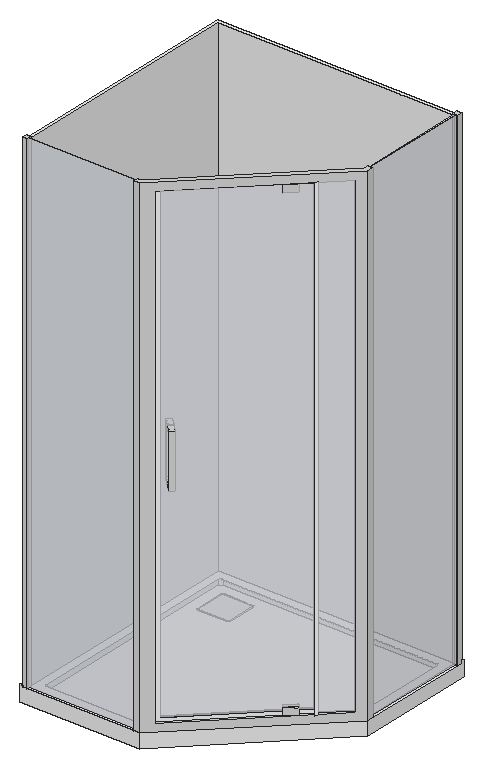
Revit family "Reece_Shower_Posh_Bristol_Shower System_Angled", category Plumbing Fixtures, host Face, Revit 2018
Family settings
  Host = Face
  Round Connector Dimension = Use Diameter
  Part Type = Normal
  Cut with Voids When Loaded = Yes
  Shared = Yes
  Room Calculation Point = Yes
Parameters
  URL = "https://www.reece.com.au/product/-2012046"
  Type Comments = "Shower"
  Reece_Screen_Height = 2000 mm  # constant formula
  Reece_Product_Web Page = "https://www.reece.com.au/product/-2012046"
  Reece_Product_Type = "Shower"  # constant formula
  Reece_Product_Sub Brand = "Bristol"  # constant formula
  Reece_Product_Number = "2012046"
  Reece_Product_Mount = "Floor Mounted"
  Reece_Product_Description = "Posh Bristol Angled Shower System 1000 x 1000 x 2000mm"
  Reece_Product_Brand = "Posh"  # constant formula
  Reece_Overall_Width = 1000 mm  # constant formula
  Reece_Overall_Height = 2055 mm  # constant formula
  Reece_Overall_Depth = 1000 mm  # constant formula
  Reece_Material_Secondary = Reece_Plastic_Transparent
  Reece_Material_Screen = Reece_Safety Glass_Transparent
  Reece_Material_Main = Reece_Brass_Chrome
  Reece_Material_Base = Reece_Acrylic_White
  Reece_Detail_Function = "Left or Right Hand Opening"  # constant formula
  Reece_Detail_Disclaimer = "THIS FILE IS THE PROPERTY OF THE REECE GROUP. IT MAY NOT BE REPRODUCED, REVERSE-ENGINEERED OR MODIFIED. ANY REPUBLICATION, TRANSMISSION OR DISTRIBUTION FOR THE PURPOSE OF COMMERCIALLY EXPLOITING THE FILES IS PROHIBITED."  # constant formula
  Reece_Detail_Additional = "Shower System"  # constant formula
  Model = "Bristol"
  Manufacturer = "Posh"
  Keynote = "Product #2012046, Reece_Shower_Posh_Bristol_Shower System_Angled -  "
  Disclaimer = "THIS FILE IS THE PROPERTY OF THE REECE GROUP. IT MAY NOT BE REPRODUCED, REVERSE-ENGINEERED OR MODIFIED. ANY REPUBLICATION, TRANSMISSION OR DISTRIBUTION FOR THE PURPOSE OF COMMERCIALLY EXPLOITING THE FILES IS PROHIBITED."  # constant formula
  Description = "Posh Bristol Angled Shower System 1000 x 1000 x 2000mm"
  Default Elevation = 0 mm
Types (2, lengths in mm): name | Keynote
  (no name) | "Product #2012046, Reece_Shower_Posh_Bristol_Shower System_Angled -  "
  1000mm x 100mm x 2000mm_Rear Outlet | "Product #2012046, Reece_Shower_Posh_Bristol_Shower System_Angled - 1000mm x 100mm x 2000mm_Rear Outlet"
Reference planes
  plane 1 "Center (Front/Back)": y = 0
  plane 2 "Height From Floor": z = 0
  plane 3 "Center (Left/Right)": x = 0
  plane 4 "Bottom Of Invisible Line": z = -5
  plane 5: x = 500
  plane 6: x = -500
  plane 7: z = 2055
  plane 8: z = 55
  plane 9: y = 500
  plane 10: y = -500
Forms (mm)
  Extrusion 1, solid, material "Reece_Acrylic_White" <- "Reece_Material_Base"
    sketch origin (-1, 1, 0) x (0, 1, 0) y (-1, 0, 0)
      loop
        line (-481, 489) -> (-481, 477) -> (477, 477) -> (477, -481) -> (489, -481) -> (489, 489) -> (-481, 489)
    from 45 to 2045
Lines and regions (mm)
  model lines, style "InvisibleLines"
    curve 1: line (0, 0, -5) -> (0, 0, 0)
Text (mm)
  text "Reece ©" at (4010.036, -1850.322, 2156.454), in view "Reece Preview"
  text "Remove this note when saving the family.\nPlease make sure that:\n- Unused reference planes are removed\n- Images or CAD references are removed\n- Unused Parameters are removed\n- All parameters where possible are defined and unchangeable\n- Make sure to use shared parameters only\n- Make sure to always follow the naming convention\n- Make sure to update the data information" at (1631.025, -1226.195, -1020.679), in view "Ref. Level"
  text "Reece ©" at (1631.025, -1085.127, -1020.679), in view "Ref. Level"
Dimensions and locks
  level to plane 2 "Height From Floor" = 0 mm
  locked: level to plane 4 "Bottom Of Invisible Line" at 5
  "Reece_Overall_Width": plane 6 to plane 5
  equal spacing: plane 6, plane 3 "Center (Left/Right)", plane 5
  "Reece_Screen_Height": plane 7 to plane 8
  plane 8 to level = 55 mm
  "Reece_Overall_Depth": plane 10 to plane 9
  equal spacing: plane 10, plane 1 "Center (Front/Back)", plane 9
  "Reece_Overall_Height": plane 7 to plane 2 "Height From Floor"
  plane 6 to nested 1 = 485 mm
  nested 1 to nested 1 = 434 mm
  "Reece_Overall_Width": plane 5 to nested 2
  "Reece_Overall_Width": plane 10 to nested 2
  "Reece_Overall_Height": nested 1 to plane 2 "Height From Floor"
  aligned and locked: plane 1 "Center (Front/Back)" to nested 1
  aligned and locked: plane 3 "Center (Left/Right)" to nested 1
  aligned and locked: plane 3 "Center (Left/Right)" to nested 2
  aligned and locked: plane 1 "Center (Front/Back)" to nested 2
Automatic sketch dimensions
  curve 1 to level = 0 mm
  curve 1 to plane 3 "Center (Left/Right)" = 0 mm
  curve 1 to plane 4 "Bottom Of Invisible Line" = 0 mm
  plane 9 to Extrusion 1 sketch curve = 22 mm
  plane 9 to Extrusion 1 sketch curve = 10 mm
  plane 5 to Extrusion 1 sketch curve = 20 mm
  plane 6 to Extrusion 1 sketch curve = 10 mm
  plane 10 to Extrusion 1 sketch curve = 20 mm
  Extrusion 1 sketch curve to Extrusion 1 sketch curve = 12 mm
Nested families
  nested 1: "Reece_Shower_Posh_Bristol_Shower Door & Screen_Angled_Nested" at (0, 0, 55), Reece_Material_Main <- "Reece_Material_Main", Reece_Material_Screen <- "Reece_Material_Screen", Reece_Material_Secondary <- "Reece_Material_Secondary", type "Chrome"
    with Reece_Material_Secondary Reece_Plastic_Transparent, Reece_Material_Screen Reece_Safety Glass_Transparent, Reece_Material_Main Reece_Brass_Chrome
  nested 2: "Reece_Shower_Posh_Bristol_Shower Base_Angled_Nested" at (0, 0, 0), Reece_Material_Base <- "Reece_Material_Base", Reece_Material_Main <- "Reece_Material_Main", type "Acrylic"
    with Reece_Material_Main Reece_Brass_Chrome, Reece_Material_Base Reece_Acrylic_White
Definition of nested family "Reece_Shower_Posh_Bristol_Shower Door & Screen_Angled_Nested"
  Parameters (values of type "Chrome")
    Waste Connection = no
    WFU = 0
    Vent Connection = no
    URL = ""
    Type Comments = ""
    Reece_Material_Secondary [instance] = none
    Reece_Material_Screen [instance] = none
    Reece_Material_Main [instance] = none
    Model = ""
    Manufacturer = ""
    Keynote = ""
    HWFU = 0
    HW Connection = no
    Description = ""
    Default Elevation = 0 mm
    Cost = 0
    CWFU = 0
    CW Connection = no
    Assembly Code = ""
  Reference planes
    plane 1 "Center (Front/Back)": y = 0
    plane 2: z = 0
    plane 3 "Center (Left/Right)": x = 0
    plane 4: x = 500
    plane 5: x = -500
    plane 6: y = -500
    plane 7: y = 500
    plane 8: through (-15, -500, 1219.2) normal (-0.7071, 0.7071, 0)
    plane 9: through (369.185, -87.53, 1219.2) normal (0.7071, 0.7071, 0)
    plane 10: x = -15
    plane 11: y = 15
    plane 12: y = 490
    plane 13: x = -490
  Forms (mm)
    Extrusion 1, solid
      sketch origin (619.2, 20, 0) x (1, 0, 0) y (0, 1, 0)
        loop
          line (-1219.2, 580) -> (-1219.2, -620) -> (-19.2, -620) -> (-19.2, 580) -> (-1219.2, 580)
      from 0 to -35.776
    Extrusion 2, solid, material <- "Reece_Material_Main"
      sketch origin (-192.184, 249.941, -154.666) x (-0.707107, 0.707107, 0) y (0, 0, 1)
        loop
          line (-686.576, 1047.166) -> (-651.576, 1047.166) -> (-651.576, 1062.166) -> (-671.576, 1062.166) -> (-671.576, 1247.166) -> (-648.576, 1247.166) -> (-648.576, 1262.166) -> (-686.576, 1262.166) -> (-686.576, 1047.166)
      from -315 to -295
    Extrusion 3, solid, material <- "Reece_Material_Main"
      sketch origin (-655.191, -378.25, 0) x (0.707107, 0.707107, 0) y (-0.707107, 0.707107, 0)
        loop
          line (366.593, -538.774) -> (415.913, -538.774) -> (415.913, -518.774) -> (374.877, -518.774) -> (365.179, -509.075) -> (351.037, -523.217) -> (366.593, -538.774)
        loop
          line (1094.913, -538.774) -> (1111.176, -522.51) -> (1097.034, -508.368) -> (1086.629, -518.774) -> (1055.913, -518.774) -> (1055.913, -538.774) -> (1094.913, -538.774)
      from 0 to 2000
    Extrusion 4, solid, material <- "Reece_Material_Main"
      sketch origin (-114.406, -1023.774, 0) x (-1, 0, 0) y (0, -1, 0)
        loop
          line (356.594, -543.774) -> (375.594, -543.774) -> (375.594, -523.774) -> (356.594, -523.774) -> (356.594, -543.774)
      from 0 to 2000
    Extrusion 5, solid, material <- "Reece_Material_Main"
      sketch origin (-57.686, 205.113, 0) x (0.707107, 0.707107, 0) y (-0.707107, 0.707107, 0)
        loop
          line (-419.086, -528.774) -> (220.914, -528.774) -> (220.914, -508.774) -> (-419.086, -508.774) -> (-419.086, -528.774)
      from 1970 to 2000
    Extrusion 6, solid, material <- "Reece_Material_Main"
      sketch origin (-71.828, 205.113, 0) x (0.707107, 0.707107, 0) y (-0.707107, 0.707107, 0)
        loop
          line (-418.406, -538.774) -> (239.914, -538.774) -> (239.914, -518.774) -> (-418.406, -518.774) -> (-418.406, -538.774)
      from 0 to 30
    Extrusion 7, solid, material <- "Reece_Material_Secondary"
      sketch origin (-167.234, -84.654, 0) x (0.707107, 0.707107, 0) y (-0.707107, 0.707107, 0)
        loop
          line (381.272, -398.339) -> (378.772, -398.339) -> (378.772, -384.339) -> (381.272, -384.339) -> (381.272, -381.339) -> (373.272, -381.339) -> (373.272, -384.339) -> (375.772, -384.339) -> (375.772, -398.339) -> (373.272, -398.339) -> (373.272, -401.339) -> (381.272, -401.339) -> (381.272, -398.339)
      from 30 to 1970
    Extrusion 8, solid, material <- "Reece_Material_Screen"
      sketch origin (191.547, 312.537, 0) x (-0.707107, -0.707107, 0) y (0.707107, -0.707107, 0)
        loop
          line (155.781, 415.5) -> (155.781, 421.5) -> (31.281, 421.5) -> (31.281, 415.5) -> (155.781, 415.5)
      from 30 to 1970
    Extrusion 9, solid, material <- "Reece_Material_Main"
      sketch origin (720.798, -663.042, -154.666) x (0.707107, -0.707107, 0) y (0, 0, -1)
        loop
          line (-686.576, -1047.166) -> (-686.576, -1262.166) -> (-648.576, -1262.166) -> (-648.576, -1247.166) -> (-671.576, -1247.166) -> (-671.576, -1062.166) -> (-651.576, -1062.166) -> (-651.576, -1047.166) -> (-686.576, -1047.166)
      from -315 to -295
    Extrusion 10, solid, material <- "Reece_Material_Screen"
      sketch origin (-61.399, -908.5, 0) x (-1, 0, 0) y (0, -1, 0)
        loop
          line (409.601, -415.5) -> (-24.399, -415.5) -> (-24.399, -421.5) -> (409.601, -421.5) -> (409.601, -415.5)
      from 0 to 2000
    Extrusion 11, solid, material <- "Reece_Material_Secondary"
      sketch origin (-17.448, 112.735, 0) x (0.707107, 0.707107, 0) y (0, 0, 1)
        loop
          line (127.782, 37) -> (127.782, 50.5) -> (-368.218, 50.5) -> (-368.218, 1963) -> (-382.218, 1963) -> (-382.218, 37) -> (127.782, 37)
      from 417.5 to 432.544
    Extrusion 12, void
      sketch origin (-15, 115.183, 0) x (0.707107, 0.707107, 0) y (0, 0, 1)
        loop
          line (124.32, 50.5) -> (-381.5, 50.5) -> (-381.5, 1963) -> (-385.68, 1963) -> (-385.68, 38) -> (124.32, 38) -> (124.32, 50.5)
      from 422 to 428
    Extrusion 13, solid, material <- "Reece_Material_Main"
      sketch origin (-94.677, 35.506, 3.5) x (0.707107, 0.707107, 0) y (0, 0, 1)
        loop
          line (186, 30) -> (186, 60) -> (136, 60) -> (136, 30) -> (186, 30)
      from 415 to 435
    Extrusion 14, void
      sketch origin (-31.037, 99.146, 3.5) x (0.707107, 0.707107, 0) y (0, 0, 1)
        loop
          line (46, 60) -> (46, 33.5) -> (96, 33.5) -> (96, 60) -> (46, 60)
      from 417.5 to 432.544
    Extrusion 15, solid, material <- "Reece_Material_Main"
      sketch origin (-94.677, 35.506, 1996.5) x (0.707107, 0.707107, 0) y (0, 0, 1)
        loop
          line (186, -30) -> (136, -30) -> (136, -60) -> (186, -60) -> (186, -30)
      from 415 to 435
    Extrusion 16, void
      sketch origin (-31.037, 99.146, 1996.5) x (0.707107, 0.707107, 0) y (0, 0, 1)
        loop
          line (46, -60) -> (96, -60) -> (96, -33.5) -> (46, -33.5) -> (46, -60)
      from 422 to 428
    Extrusion 17, solid, material <- "Reece_Material_Main"
      sketch origin (-46.82, 104.576, -2.5) x (-0.707107, 0.707107, 0) y (0, 0, 1)
        loop
          line (-434, 1105) -> (-446, 1105) -> (-446, 1100) -> (-434, 1100) -> (-434, 1105)
      from -310 to -300
    Extrusion 18, solid, material <- "Reece_Material_Main"
      sketch origin (-46.82, 104.576, -202.5) x (-0.707107, 0.707107, 0) y (0, 0, 1)
        loop
          line (-434, 1105) -> (-446, 1105) -> (-446, 1100) -> (-434, 1100) -> (-434, 1105)
      from -310 to -300
    Extrusion 19, solid, material <- "Reece_Material_Main"
      sketch origin (-43.774, 119.406, 0) x (0, 1, 0) y (-1, 0, 0)
        loop
          line (352.594, -543.774) -> (370.594, -543.774) -> (370.594, -523.774) -> (352.594, -523.774) -> (352.594, -543.774)
      from 0 to 2000
    Extrusion 20, solid, material <- "Reece_Material_Screen"
      sketch origin (71.5, 55.399, 0) x (0, 1, 0) y (-1, 0, 0)
        loop
          line (416.601, -415.5) -> (-17.399, -415.5) -> (-17.399, -421.5) -> (416.601, -421.5) -> (416.601, -415.5)
      from 0 to 2000
    Extrusion 21, solid, material <- "Reece_Material_Main"
      sketch origin (-105.283, 46.113, 1935) x (0.707107, 0.707107, 0) y (0, 0, 1)
        loop
          line (186, 33) -> (186, 35) -> (136, 35) -> (136, 33) -> (186, 33)
      from 430 to 450
    Extrusion 22, solid, material <- "Reece_Material_Main"
      sketch origin (-105.283, 46.113, -1) x (0.707107, 0.707107, 0) y (0, 0, 1)
        loop
          line (186, 31) -> (186, 33) -> (136, 33) -> (136, 31) -> (186, 31)
      from 430 to 450
    Extrusion 23, solid, material <- "Reece_Material_Main"
      sketch origin (-111.647, 39.749, 0) x (0.707107, 0.707107, 0) y (-0.707107, 0.707107, 0)
        loop
          circle (170, -440.022) r 5
      from 32 to 33.5
    Extrusion 24, solid, material <- "Reece_Material_Main"
      sketch origin (-104.576, 46.82, 0) x (0.707107, 0.707107, 0) y (-0.707107, 0.707107, 0)
        loop
          circle (160, -440.022) r 5
      from 1966.5 to 1968
    Extrusion 25, solid, material <- "Reece_Material_Screen"
      sketch origin (-7.293, 113.697, 0) x (0.707107, 0.707107, 0) y (-0.707107, 0.707107, 0)
        loop
          line (119.921, -415.5) -> (-390.079, -415.5) -> (-390.079, -421.5) -> (119.921, -421.5) -> (119.921, -415.5)
      from 38 to 1963
  Cuts and joins
    Extrusion 12, Extrusion 14, Extrusion 16 cuts Extrusion 11
    Extrusion 14, Extrusion 16 cuts Extrusion 13
    Extrusion 16 cuts Extrusion 15
    joined: Extrusion 3, Extrusion 4, Extrusion 5, Extrusion 6, Extrusion 13, Extrusion 15, Extrusion 19, Extrusion 21, Extrusion 22, Extrusion 23, Extrusion 24
    joined: Extrusion 2, Extrusion 9, Extrusion 17, Extrusion 18
  Lines and regions (mm)
    model lines
      curve 1: line (-500, -500, 0) -> (-15, -500, 0)
    symbolic lines
      curve 2: line (738.168, -468.081, 0) -> (742.917, -463.233, 0)
      curve 3: line (378.657, -106.343, 0) -> (742.917, -463.233, 0)
      curve 4: line (373.858, -111.143, 0) -> (738.168, -468.081, 0)
      curve 5: arc (19.874, -465.126, 0) -> (378.413, -614.502, 0) -> (738.168, -468.081, 0) r 510.017
  Text (mm)
    text "Reece Copyright © 2018, Reece Ltd." at (-900.583, -1091.375, 0), in view "Ref. Level"
    text "Reece ©" at (651.51, -88.566, -141.437), in view "Reece_Preview"
  Dimensions and locks
    plane 5 to plane 4 = 1000 mm
    equal spacing: plane 5, plane 3 "Center (Left/Right)", plane 4
    equal spacing: plane 7, plane 1 "Center (Front/Back)", plane 6
    plane 7 to plane 6 = 1000 mm
    Extrusion 20 to Extrusion 20 = 434 mm
    plane 5 to plane 10 = 485 mm
    cut or joined group 1 (Extrusion 3, Extrusion 4, Extrusion 5, Extrusion 6, Extrusion 13, Extrusion 14, Extrusion 15, Extrusion 16, Extrusion 19, Extrusion 21, Extrusion 22, Extrusion 23, Extrusion 24) to cut or joined group 1 = 434 mm
    plane 7 to plane 11 = 485 mm
    Extrusion 8 to cut or joined group 1 = 124.5 mm
    Extrusion 25 to cut or joined group 1 = 510 mm
    aligned and locked: Extrusion 1 to plane 2
    aligned and locked: Extrusion 1 to level
    aligned and locked: Extrusion 23 to Extrusion 22
  Automatic sketch dimensions
    Extrusion 1 sketch curve to Extrusion 1 sketch curve = 1200 mm  (x2)
    Extrusion 2 sketch curve to plane 8 = 31 mm
    Extrusion 2 sketch curve to plane 8 = 16 mm
    plane 8 to Extrusion 2 sketch curve = 7 mm
    plane 8 to Extrusion 2 sketch curve = 4 mm
    level to Extrusion 2 sketch curve = 892.5 mm
    Extrusion 2 sketch curve to Extrusion 2 sketch curve = 15 mm  (x2)
    Extrusion 2 sketch curve to Extrusion 2 sketch curve = 185 mm
    plane 5 to Extrusion 4 sketch curve = 10 mm
    plane 6 to Extrusion 4 sketch curve = 20 mm
    Extrusion 5 sketch curve to plane 8 = 0 mm
    Extrusion 5 sketch curve to Extrusion 5 sketch curve = 20 mm
    Extrusion 6 sketch curve to plane 8 = 0 mm
    Extrusion 6 sketch curve to Extrusion 6 sketch curve = 20 mm
    Extrusion 7 sketch curve to plane 8 = 0 mm
    Extrusion 7 sketch curve to plane 9 = 4 mm  (x2)
    Extrusion 7 sketch curve to plane 9 = 1.5 mm
    plane 9 to Extrusion 7 sketch curve = 1.5 mm
    Extrusion 7 sketch curve to Extrusion 7 sketch curve = 2.5 mm  (x2)
    Extrusion 7 sketch curve to Extrusion 7 sketch curve = 3 mm  (x3)
    Extrusion 7 sketch curve to Extrusion 7 sketch curve = 14 mm
    Extrusion 7 sketch curve to Extrusion 7 sketch curve = 0 mm
    Extrusion 8 sketch curve to plane 9 = 1.5 mm
    Extrusion 8 sketch curve to plane 8 = 7 mm
    Extrusion 8 sketch curve to Extrusion 8 sketch curve = 6 mm
    plane 8 to Extrusion 9 sketch curve = 51 mm
    Extrusion 9 sketch curve to Extrusion 9 sketch curve = 15 mm  (x3)
    plane 8 to Extrusion 9 sketch curve = 13 mm
    plane 8 to Extrusion 9 sketch curve = 16 mm
    level to Extrusion 9 sketch curve = 1107.5 mm
    Extrusion 9 sketch curve to Extrusion 9 sketch curve = 185 mm
    plane 6 to Extrusion 10 sketch curve = 7 mm
    Extrusion 10 sketch curve to plane 3 "Center (Left/Right)" = 37 mm
    plane 5 to Extrusion 10 sketch curve = 29 mm
    Extrusion 11 sketch curve to plane 9 = 4 mm
    level to Extrusion 11 sketch curve = 37 mm
    Extrusion 11 sketch curve to Extrusion 11 sketch curve = 13.5 mm
    Extrusion 11 sketch curve to Extrusion 11 sketch curve = 1912.5 mm
    Extrusion 12 sketch curve to Extrusion 12 sketch curve = 4.18 mm
    Extrusion 12 sketch curve to plane 9 = 4 mm
    level to Extrusion 12 sketch curve = 38 mm
    Extrusion 12 sketch curve to Extrusion 12 sketch curve = 12.5 mm
    Extrusion 12 sketch curve to Extrusion 12 sketch curve = 1912.5 mm
    level to Extrusion 13 sketch curve = 33.5 mm
    Extrusion 13 sketch curve to plane 9 = 105 mm
    Extrusion 13 sketch curve to Extrusion 13 sketch curve = 50 mm
    Extrusion 13 sketch curve to Extrusion 13 sketch curve = 30 mm
    level to Extrusion 14 sketch curve = 37 mm
    Extrusion 14 sketch curve to plane 9 = 105 mm
    Extrusion 14 sketch curve to Extrusion 14 sketch curve = 50 mm
    Extrusion 14 sketch curve to Extrusion 14 sketch curve = 26.5 mm
    Extrusion 15 sketch curve to plane 9 = 105 mm
    Extrusion 15 sketch curve to Extrusion 15 sketch curve = 50 mm
    level to Extrusion 15 sketch curve = 1936.5 mm
    Extrusion 15 sketch curve to Extrusion 15 sketch curve = 30 mm
    Extrusion 16 sketch curve to plane 9 = 105 mm
    Extrusion 16 sketch curve to Extrusion 16 sketch curve = 50 mm
    level to Extrusion 16 sketch curve = 1936.5 mm
    Extrusion 16 sketch curve to Extrusion 16 sketch curve = 26.5 mm
    plane 8 to Extrusion 17 sketch curve = 4 mm
    Extrusion 17 sketch curve to Extrusion 17 sketch curve = 12 mm
    level to Extrusion 17 sketch curve = 1097.5 mm
    Extrusion 17 sketch curve to Extrusion 17 sketch curve = 5 mm
    plane 8 to Extrusion 18 sketch curve = 4 mm
    Extrusion 18 sketch curve to Extrusion 18 sketch curve = 12 mm
    level to Extrusion 18 sketch curve = 897.5 mm
    Extrusion 18 sketch curve to Extrusion 18 sketch curve = 5 mm
    Extrusion 19 sketch curve to plane 4 = 0 mm
    plane 7 to Extrusion 19 sketch curve = 28 mm
    plane 7 to Extrusion 19 sketch curve = 10 mm
    Extrusion 19 sketch curve to plane 4 = 20 mm
    Extrusion 20 sketch curve to plane 4 = 13 mm
    Extrusion 20 sketch curve to plane 1 "Center (Front/Back)" = 38 mm
    Extrusion 20 sketch curve to plane 4 = 7 mm
    plane 7 to Extrusion 20 sketch curve = 28 mm
    Extrusion 21 sketch curve to plane 9 = 105 mm
    Extrusion 21 sketch curve to Extrusion 21 sketch curve = 50 mm
    level to Extrusion 21 sketch curve = 1968 mm
    Extrusion 21 sketch curve to Extrusion 21 sketch curve = 2 mm
    level to Extrusion 22 sketch curve = 30 mm
    Extrusion 22 sketch curve to plane 9 = 105 mm
    Extrusion 22 sketch curve to Extrusion 22 sketch curve = 50 mm
    Extrusion 22 sketch curve to Extrusion 22 sketch curve = 2 mm
    plane 8 to Extrusion 23 sketch curve = 9.978 mm
    Extrusion 23 sketch curve to plane 9 = 80 mm
    plane 8 to Extrusion 24 sketch curve = 9.978 mm
    Extrusion 24 sketch curve to plane 9 = 80 mm
    Extrusion 25 sketch curve to plane 9 = 4 mm
    plane 8 to Extrusion 25 sketch curve = 7 mm
    Extrusion 25 sketch curve to Extrusion 25 sketch curve = 6 mm
    curve 1 to plane 5 = 0 mm
    curve 1 to plane 6 = 0 mm
    curve 1 to plane 8 = 0 mm
    curve 4 to plane 8 = 0 mm
    curve 5 to plane 8 = 0 mm  (x2)
    plane 8 to curve 3 = 0 mm
    plane 1 "Center (Front/Back)" to curve 5 = 104.489 mm
    plane 6 to curve 2 = 31.919 mm
    plane 6 to curve 2 = 36.767 mm
    curve 2 to curve 2 = 4.75 mm
    plane 4 to curve 4 = 238.168 mm
    plane 9 to Extrusion 5 sketch curve = 126 mm
    plane 9 to Extrusion 6 sketch curve = 135 mm
    Extrusion 8 sketch curve to Extrusion 8 sketch curve = 124.5 mm
    Extrusion 5 sketch curve to plane 9 = 514 mm
    Extrusion 6 sketch curve to plane 9 = 523.32 mm
    Extrusion 11 sketch curve to Extrusion 11 sketch curve = 496 mm
    Extrusion 11 sketch curve to Extrusion 11 sketch curve = 14 mm
    Extrusion 12 sketch curve to plane 9 = 509.82 mm
    Extrusion 4 sketch curve to Extrusion 4 sketch curve = 19 mm
    Extrusion 3 sketch curve to plane 6 = 0 mm  (x2)
    Extrusion 3 sketch curve to plane 8 = 0 mm  (x2)
    Extrusion 3 sketch curve to plane 4 = 0 mm  (x2)
    Extrusion 3 sketch curve to Extrusion 3 sketch curve = 41.036 mm
    plane 8 to Extrusion 3 sketch curve = 20 mm
    Extrusion 3 sketch curve to Extrusion 3 sketch curve = 39 mm
    Extrusion 3 sketch curve to Extrusion 3 sketch curve = 8.284 mm
    plane 8 to Extrusion 3 sketch curve = 30.406 mm
    Extrusion 4 sketch curve to plane 6 = 0 mm
    Extrusion 3 sketch curve to Extrusion 3 sketch curve = 9.698 mm
    plane 8 to Extrusion 3 sketch curve = 29.698 mm
    Extrusion 3 sketch curve to Extrusion 3 sketch curve = 1.414 mm
    Extrusion 10 sketch curve to Extrusion 10 sketch curve = 6 mm
    Extrusion 25 sketch curve to Extrusion 25 sketch curve = 510 mm
    radius of Extrusion 23 sketch curve = 5 mm
    radius of Extrusion 24 sketch curve = 5 mm
Definition of nested family "Reece_Shower_Posh_Bristol_Shower Base_Angled_Nested"
  Parameters (values of type "Acrylic")
    Waste Connection = no
    WFU = 0
    Vent Connection = no
    URL = ""
    Type Comments = ""
    Reece_Material_Main [instance] = none
    Reece_Material_Base [instance] = none
    Model = ""
    Manufacturer = ""
    Keynote = ""
    HWFU = 0
    HW Connection = no
    Description = ""
    Default Elevation = 0 mm
    Cost = 0
    CWFU = 0
    CW Connection = no
    Assembly Code = ""
  Reference planes
    plane 1 "Center (Front/Back)": y = 0
    plane 2: z = 0
    plane 3 "Center (Left/Right)": x = 0
    plane 4: x = -500
    plane 5: x = 500
    plane 6: y = -500
    plane 7: y = 500
  Forms (mm)
    Extrusion 1, solid
      sketch origin (619.2, 470, 0) x (1, 0, 0) y (0, 1, 0)
        loop
          line (-1219.2, 130) -> (-1219.2, -1070) -> (-19.2, -1070) -> (-19.2, 130) -> (-1219.2, 130)
      from 0 to -35.776
    Sweep 2, solid, material <- "Reece_Material_Base"
      path origin (0, 0, 0) x (-1, 0, 0) y (0, -1, 0)
        loop
          line (500, 500) -> (500, -500) -> (-500, -500)
      profile origin (-500, 0, 0) x (-1, 0, 0) y (0, 0, 1)
        loop
          line (0, 0) -> (0, 60)
          arc (0, 60) -> (-5, 65) -> (-10, 60) r 5
          line (-10, 60) -> (-10, 0) -> (0, 0)
    Extrusion 3, solid, material <- "Reece_Material_Base"
      sketch origin (0, -450, 0) x (-1, 0, 0) y (0, -1, 0)
        loop
          circle (330, -780) r 50
        loop
          arc (440, -10) -> (437.071, -2.929) -> (430, 0) r 10
          line (430, 0) -> (39.853, 0)
          arc (39.853, 0) -> (36.026, -0.761) -> (32.782, -2.929) r 10
          line (32.782, -2.929) -> (-447.071, -482.782)
          arc (-447.071, -482.782) -> (-449.239, -486.026) -> (-450, -489.853) r 10
          line (-450, -489.853) -> (-450, -880)
          arc (-450, -880) -> (-447.071, -887.071) -> (-440, -890) r 10
          line (-440, -890) -> (430, -890)
          arc (430, -890) -> (437.071, -887.071) -> (440, -880) r 10
          line (440, -880) -> (440, -10)
      from 0 to 35
    Extrusion 4, solid, material <- "Reece_Material_Base"
      sketch origin (0, 0, 0) x (1, 0, 0) y (0, 1, 0)
        loop
          line (-490, -500) -> (-15, -500) -> (500, 15) -> (500, 490) -> (-490, 490) -> (-490, -500)
        loop
          line (440, 440) -> (-430, 440)
          arc (-430, 440) -> (-437.071, 437.071) -> (-440, 430) r 10
          line (-440, 430) -> (-440, -440)
          arc (-440, -440) -> (-437.071, -447.071) -> (-430, -450) r 10
          line (-430, -450) -> (-39.853, -450)
          arc (-39.853, -450) -> (-36.026, -449.239) -> (-32.782, -447.071) r 10
          line (-32.782, -447.071) -> (447.071, 32.782)
          arc (447.071, 32.782) -> (449.239, 36.026) -> (450, 39.853) r 10
          line (450, 39.853) -> (450, 430)
          arc (450, 430) -> (447.071, 437.071) -> (440, 440) r 10
      from 0 to 55
    Extrusion 5, solid, material <- "Reece_Material_Main"
      sketch origin (-330, 330, 0) x (1, 0, 0) y (0, 1, 0)
        loop
          line (57.5, 62.5) -> (-57.5, 62.5)
          arc (-57.5, 62.5) -> (-61.036, 61.036) -> (-62.5, 57.5) r 5
          line (-62.5, 57.5) -> (-62.5, -57.5)
          arc (-62.5, -57.5) -> (-61.036, -61.036) -> (-57.5, -62.5) r 5
          line (-57.5, -62.5) -> (57.5, -62.5)
          arc (57.5, -62.5) -> (61.036, -61.036) -> (62.5, -57.5) r 5
          line (62.5, -57.5) -> (62.5, 57.5)
          arc (62.5, 57.5) -> (61.036, 61.036) -> (57.5, 62.5) r 5
      from 30 to 35
    Extrusion 6, void
      sketch origin (-330, 330, 0) x (1, 0, 0) y (0, 1, 0)
        loop
          arc (-67.5, -57.5) -> (-64.571, -64.571) -> (-57.5, -67.5) r 10
          line (-57.5, -67.5) -> (57.5, -67.5)
          arc (57.5, -67.5) -> (64.571, -64.571) -> (67.5, -57.5) r 10
          line (67.5, -57.5) -> (67.5, 57.5)
          arc (67.5, 57.5) -> (64.571, 64.571) -> (57.5, 67.5) r 10
          line (57.5, 67.5) -> (-57.5, 67.5)
          arc (-57.5, 67.5) -> (-64.571, 64.571) -> (-67.5, 57.5) r 10
          line (-67.5, 57.5) -> (-67.5, -57.5)
      from 30 to 35
  Cuts and joins
    Extrusion 6 cuts Sweep 2
    Extrusion 6 cuts Extrusion 3
    Extrusion 6 cuts Extrusion 4
    joined: Sweep 2, Extrusion 3, Extrusion 4
  Text (mm)
    text "Reece Copyright © 2018, Reece Ltd." at (-1624.402, -1205.801, 0), in view "Ref. Level"
    text "Reece ©" at (651.51, -88.566, -141.437), in view "Reece_Preview"
  Dimensions and locks
    locked: plane 4 to plane 5 at 1000
    equal spacing: plane 4, plane 3 "Center (Left/Right)", plane 5
    locked: plane 7 to plane 6 at 1000
    equal spacing: plane 7, plane 1 "Center (Front/Back)", plane 6
    aligned and locked: Extrusion 1 to plane 2
    aligned and locked: Extrusion 1 to level
    aligned and locked: Sweep 2 sketch curve to plane 7
    aligned and locked: Sweep 2 sketch curve to plane 4
    aligned and locked: plane 5 to Sweep 2 sketch curve
    aligned and locked: plane 6 to Sweep 2 sketch curve
    aligned and locked: Extrusion 4 sketch curve to plane 6
    aligned and locked: plane 5 to Extrusion 4 sketch curve
  Automatic sketch dimensions
    Extrusion 1 sketch curve to Extrusion 1 sketch curve = 1200 mm  (x2)
    Extrusion 5 sketch curve to plane 3 "Center (Left/Right)" = 392.5 mm
    Extrusion 5 sketch curve to Extrusion 5 sketch curve = 5 mm  (x3)
    Extrusion 5 sketch curve to plane 3 "Center (Left/Right)" = 272.5 mm  (x2)
    Extrusion 5 sketch curve to plane 1 "Center (Front/Back)" = 267.5 mm
    Extrusion 5 sketch curve to plane 1 "Center (Front/Back)" = 387.5 mm
    Extrusion 6 sketch curve to plane 3 "Center (Left/Right)" = 397.5 mm
    Extrusion 6 sketch curve to Extrusion 6 sketch curve = 10 mm  (x3)
    Extrusion 6 sketch curve to plane 3 "Center (Left/Right)" = 272.5 mm  (x2)
    Extrusion 6 sketch curve to plane 1 "Center (Front/Back)" = 262.5 mm
    Extrusion 6 sketch curve to plane 1 "Center (Front/Back)" = 387.5 mm
    Sweep 2 sketch curve to level = 0 mm
    Sweep 2 sketch curve to profile plane = 0 mm
    Sweep 2 sketch curve to Sweep 2 sketch curve = 5 mm
    Sweep 2 sketch curve to Sweep 2 sketch curve = 60 mm
    plane 5 to Extrusion 4 sketch curve = 50 mm
    Extrusion 4 sketch curve to plane 1 "Center (Front/Back)" = 32.782 mm
    Extrusion 4 sketch curve to Extrusion 4 sketch curve = 2.929 mm
    Extrusion 4 sketch curve to Extrusion 4 sketch curve = 7.071 mm  (x2)
    Extrusion 4 sketch curve to Extrusion 4 sketch curve = 10 mm  (x3)
    Extrusion 4 sketch curve to plane 3 "Center (Left/Right)" = 15 mm
    Extrusion 4 sketch curve to plane 3 "Center (Left/Right)" = 39.853 mm
    Extrusion 4 sketch curve to plane 4 = 70 mm  (x2)
    Extrusion 4 sketch curve to plane 4 = 10 mm
    Extrusion 4 sketch curve to plane 6 = 50 mm
    Extrusion 4 sketch curve to plane 1 "Center (Front/Back)" = 15 mm
    Extrusion 4 sketch curve to plane 7 = 70 mm
    Extrusion 4 sketch curve to plane 7 = 10 mm
    plane 5 to Extrusion 3 sketch curve = 50 mm
    Extrusion 3 sketch curve to Extrusion 3 sketch curve = 10 mm  (x4)
    Extrusion 3 sketch curve to plane 3 "Center (Left/Right)" = 32.782 mm
    Extrusion 3 sketch curve to Extrusion 3 sketch curve = 7.071 mm
    Extrusion 3 sketch curve to plane 4 = 170 mm
    Extrusion 3 sketch curve to plane 4 = 70 mm  (x2)
    Extrusion 3 sketch curve to plane 7 = 60 mm
    Extrusion 3 sketch curve to Extrusion 3 sketch curve = 100 mm
    Extrusion 3 sketch curve to plane 1 "Center (Front/Back)" = 39.853 mm
    Extrusion 3 sketch curve to plane 6 = 60 mm
    Extrusion 3 sketch curve to Extrusion 3 sketch curve = 2.929 mm
    radius of Extrusion 3 sketch curve = 50 mm
